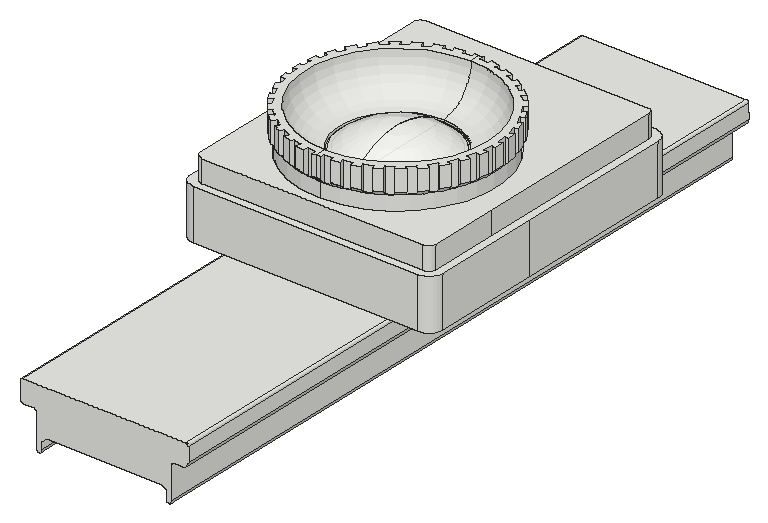
Revit family "Zumtobel TECTON 2 motion and daylight sensors", category Lighting Devices, host Face, Revit 2023
Family settings
  Host = Face
  Round Connector Dimension = Use Diameter
  Part Type = Normal
  Cut with Voids When Loaded = No
  Maintain Annotation Orientation = No
  Shared = Yes
  Room Calculation Point = Yes
Parameters (values of type "DALI MSENS HC TEC2 WH")
  URL = "www.zumtobel.com/22172957"
  Type Image = ZS_TEC_F_MSENS_HC_WH.jpg
  Type IFC Predefined Type = "MOVEMENTSENSOR"
  Model = "22172957"
  Material Housing = Zumtobel-Plastic-RAL 9003-Signal White
  Material Body = Zumtobel-Plastic-RAL 9003-Signal White
  Manufacturer = "Zumtobel Lighting"  # constant formula
  Luminaire Width = 60 mm  # constant formula
  Luminaire Length = 250 mm  # constant formula
  Luminaire Height = 90 mm  # constant formula
  Lighting Trunking System Mark [instance] = ""
  Visibility LC/MC = not(Visibility HC)  # no
  Visibility HC = yes
  Export Type to IFC As = "IfcSensorType"
  Description = "Lighting and occupancy sensors"  # constant formula
  Default Elevation = 0 mm  # constant formula
  Assembly Code = "Pr_75_75_27_23"
Types (7, lengths in mm): name | URL | Type Image | Model | Material Housing | Material Body | Visibility LC/MC | Visibility HC | Assembly Code
  (no name) | "www.zumtobel.com/22172957" | ZS_TEC_F_MSENS_HC_WH.jpg | "22172957" | Zumtobel-Plastic-RAL 9003-Signal White | Zumtobel-Plastic-RAL 9003-Signal White | no | yes | "Pr_75_75_27_23"
  DALI MSENS HC TEC2 WH | "www.zumtobel.com/22172957" | ZS_TEC_F_MSENS_HC_WH.jpg | "22172957" | Zumtobel-Plastic-RAL 9003-Signal White | Zumtobel-Plastic-RAL 9003-Signal White | no | yes | "Pr_75_75_27_23"
  DALI MSENS HC TEC2 BK | "www.zumtobel.com/22173116" | ZS_TEC_F_MSENS_HC_BK.jpg | "22173116" | Zumtobel-Plastic-RAL 9005-Jet Black | Zumtobel-Plastic-RAL 9003-Signal White | no | yes | "Pr_75_50_76_58"
  DALI MSENS LC TEC2 WH | "www.zumtobel.com/22172964" | ZS_TE2_F_MSENS_MC_WH.jpg | "22172964" | Zumtobel-Plastic-RAL 9003-Signal White | Zumtobel-Plastic-RAL 9003-Signal White | yes | no | "Pr_75_75_27_23"
  DALI MSENS LC TEC2 BK | "www.zumtobel.com/22173118" | ZS_TE2_F_MSENS_MC_BK.jpg | "22173118" | Zumtobel-Plastic-RAL 9005-Jet Black | Zumtobel-Plastic-RAL 9005-Jet Black | yes | no | "Pr_75_75_27_23"
  DALI MSENS MC TEC2 BK | "www.zumtobel.com/22173120" | ZS_TE2_F_MSENS_MC_BK.jpg | "22173120" | Zumtobel-Plastic-RAL 9005-Jet Black | Zumtobel-Plastic-RAL 9005-Jet Black | yes | no | "Pr_75_75_27_23"
  DALI MSENS MC TEC2 WH | "www.zumtobel.com/22172956" | ZS_TE2_F_MSENS_MC_WH.jpg | "22172956" | Zumtobel-Plastic-RAL 9003-Signal White | Zumtobel-Plastic-RAL 9003-Signal White | yes | no | "Pr_75_75_27_23"
Reference planes
  plane 1 "Center (Front/Back)": y = 0
  plane 2: z = 0
  plane 3 "Center (Left/Right)": x = 0
  plane 4: z = 13.808
  plane 5: y = 125
  plane 6: y = -125
  plane 7: x = -30
  plane 8: x = 30
  plane 9 "Sensor Center": y = 6
  plane 10: y = 6
  plane 11: z = 31.808
Forms (mm)
  Extrusion 1, solid, material "Zumtobel-Plastic-RAL 9003-Signal White" <- "Material Housing"
    sketch origin (0, 0, 0) x (1, 0, 0) y (0, 0, 1)
      loop
        line (-20.587, -2.563) -> (0, -2.563) -> (20.587, -2.563) -> (22.156, -3.86) -> (22.156, -6.678)
        arc (22.156, -6.678) -> (23.178, -7.7) -> (24.2, -6.678) r 1.022
        line (24.2, -6.678) -> (24.2, 5.214)
        arc (24.2, 5.214) -> (24.378, 5.644) -> (24.808, 5.822) r 0.608
        line (24.808, 5.822) -> (28.1, 5.822)
        arc (28.1, 5.822) -> (29.444, 6.378) -> (30, 7.722) r 1.9
        line (30, 7.722) -> (30, 12.808)
        arc (30, 12.808) -> (29.707, 13.515) -> (29, 13.808) r 1
        line (29, 13.808) -> (-29, 13.808)
        arc (-29, 13.808) -> (-29.707, 13.515) -> (-30, 12.808) r 1
        line (-30, 12.808) -> (-30, 7.722)
        arc (-30, 7.722) -> (-29.444, 6.378) -> (-28.1, 5.822) r 1.9
        line (-28.1, 5.822) -> (-24.808, 5.822)
        arc (-24.808, 5.822) -> (-24.378, 5.644) -> (-24.2, 5.214) r 0.608
        line (-24.2, 5.214) -> (-24.2, -6.678)
        arc (-24.2, -6.678) -> (-23.178, -7.7) -> (-22.156, -6.678) r 1.022
        line (-22.156, -6.678) -> (-22.156, -3.86) -> (-20.587, -2.563)
    from -125 to 125
  Extrusion 2, solid, material "Zumtobel-Plastic-RAL 9003-Signal White" <- "Material Housing", visible <- "Visibility HC"
    sketch origin (0, 12.25, 0) x (1, 0, 0) y (0, 1, 0)
      loop
        arc (40, -47.25) -> (43.536, -45.786) -> (45, -42.25) r 5
        line (45, -42.25) -> (45, -3.769) -> (45, 53.75)
        arc (45, 53.75) -> (43.536, 57.286) -> (40, 58.75) r 5
        line (40, 58.75) -> (-40, 58.75)
        arc (-40, 58.75) -> (-43.536, 57.286) -> (-45, 53.75) r 5
        line (-45, 53.75) -> (-45, -6.406) -> (-45, -42.25)
        arc (-45, -42.25) -> (-43.536, -45.786) -> (-40, -47.25) r 5
        line (-40, -47.25) -> (40, -47.25)
    from 13.808 to 31.808
  Extrusion 3, solid, material "Zumtobel-Plastic-RAL 9003-Signal White" <- "Material Body", visible <- "Visibility HC"
    sketch origin (0, 12.25, 0) x (1, 0, 0) y (0, 1, 0)
      loop
        line (-42, 53.25) -> (-42, -10.679) -> (-42, -41.75)
        arc (-42, -41.75) -> (-41.268, -43.518) -> (-39.5, -44.25) r 2.5
        line (-39.5, -44.25) -> (39.5, -44.25)
        arc (39.5, -44.25) -> (41.268, -43.518) -> (42, -41.75) r 2.5
        line (42, -41.75) -> (42, -17.113) -> (42, 53.25)
        arc (42, 53.25) -> (41.268, 55.018) -> (39.5, 55.75) r 2.5
        line (39.5, 55.75) -> (-39.5, 55.75)
        arc (-39.5, 55.75) -> (-41.268, 55.018) -> (-42, 53.25) r 2.5
    from 31.808 to 39.8
  Revolve 4, solid, material "Zumtobel-Plastic-RAL 9003-Signal White" <- "Material Body", visible <- "Visibility HC"
    sketch origin (0, 12.25, -4) x (0, 1, 0) y (0, 0, 1)
      loop
        line (-6.25, 41.8) -> (-6.25, 44.31) -> (-26.05, 44.31)
        arc (-26.05, 44.31) -> (-35.356, 48.367) -> (-38.715, 57.947) r 12.7
        line (-38.715, 57.947) -> (-42.573, 57.947) -> (-42.573, 50.592) -> (-40.781, 48.8) -> (-40.781, 41.8) -> (-6.25, 41.8)
      axis (-6.25, 57.947) -> (-6.25, 41.8)
    angle from 0 to 360
  Revolve 5, void
    sketch origin (0, 12.25, -4) x (0, 1, 0) y (0, 0, 1)
      loop
        line (-41.5, 43.8) -> (-41.5, 41.8) -> (-6.25, 41.8) -> (-6.25, 44.943) -> (-41.5, 44.943) -> (-41.5, 43.8)
      axis (-6.25, 44.943) -> (-6.25, 41.8)
    angle from 0 to 360
  Revolve 6, solid, material "Zumtobel-Plastic-Translucent-White", visible <- "Visibility HC"
    sketch origin (0, 12.25, 0) x (0, 1, 0) y (0, 0, 1)
      loop
        arc (-6.25, 47.701) -> (-16.871, 45.512) -> (-26.09, 39.8) r 31.014
        line (-26.09, 39.8) -> (-6.25, 39.8) -> (-6.25, 47.701)
      axis (-6.25, 47.701) -> (-6.25, 39.8)
    angle from 0 to 360
  Revolve 7, void
    sketch origin (0, 12.25, 0) x (0, 1, 0) y (0, 0, 1)
      loop
        line (-26.722, 42.012) -> (-26.722, 39.578) -> (-23.873, 39.578) -> (-26.722, 42.012)
      axis (-6.25, 42.012) -> (-6.25, 39.578)
    angle from 0 to 360
  Extrusion 8, void
    sketch origin (0, 12.25, 0) x (1, 0, 0) y (0, 1, 0)
      loop
        line (1.519, 28.54) -> (1.672, 32.037)
        arc (1.672, 32.037) -> (0.836, 32.064) -> (0, 32.073) r 38.323
        arc (0, 32.073) -> (-0.836, 32.064) -> (-1.672, 32.037) r 38.323
        line (-1.672, 32.037) -> (-1.519, 28.54)
        arc (-1.519, 28.54) -> (-3.035, 28.441) -> (-4.545, 28.275) r 34.823
        line (-4.545, 28.275) -> (-5.002, 31.745)
        arc (-5.002, 31.745) -> (-6.655, 31.491) -> (-8.295, 31.165) r 38.323
        line (-8.295, 31.165) -> (-7.537, 27.748)
        arc (-7.537, 27.748) -> (-9.013, 27.387) -> (-10.472, 26.961) r 34.823
        line (-10.472, 26.961) -> (-11.524, 30.299)
        arc (-11.524, 30.299) -> (-13.107, 29.762) -> (-14.666, 29.156) r 38.323
        line (-14.666, 29.156) -> (-13.326, 25.922)
        arc (-13.326, 25.922) -> (-14.717, 25.31) -> (-16.08, 24.638) r 34.823
        line (-16.08, 24.638) -> (-17.696, 27.743)
        arc (-17.696, 27.743) -> (-19.162, 26.939) -> (-20.591, 26.071) r 38.323
        line (-20.591, 26.071) -> (-18.71, 23.119)
        arc (-18.71, 23.119) -> (-19.974, 22.275) -> (-21.199, 21.377) r 34.823
        line (-21.199, 21.377) -> (-23.33, 24.154)
        arc (-23.33, 24.154) -> (-24.634, 23.107) -> (-25.891, 22.005) r 38.323
        line (-25.891, 22.005) -> (-23.526, 19.424)
        arc (-23.526, 19.424) -> (-24.624, 18.374) -> (-25.674, 17.276) r 34.823
        line (-25.674, 17.276) -> (-28.255, 19.641)
        arc (-28.255, 19.641) -> (-29.357, 18.384) -> (-30.404, 17.08) r 38.323
        line (-30.404, 17.08) -> (-27.627, 14.949)
        arc (-27.627, 14.949) -> (-28.525, 13.724) -> (-29.369, 12.46) r 34.823
        line (-29.369, 12.46) -> (-32.321, 14.341)
        arc (-32.321, 14.341) -> (-33.189, 12.912) -> (-33.993, 11.446) r 38.323
        line (-33.993, 11.446) -> (-30.888, 9.83)
        arc (-30.888, 9.83) -> (-31.56, 8.467) -> (-32.172, 7.076) r 34.823
        line (-32.172, 7.076) -> (-35.406, 8.416)
        arc (-35.406, 8.416) -> (-36.012, 6.857) -> (-36.549, 5.274) r 38.323
        line (-36.549, 5.274) -> (-33.211, 4.222)
        arc (-33.211, 4.222) -> (-33.637, 2.763) -> (-33.998, 1.287) r 34.823
        line (-33.998, 1.287) -> (-37.415, 2.045)
        arc (-37.415, 2.045) -> (-37.741, 0.405) -> (-37.995, -1.248) r 38.323
        line (-37.995, -1.248) -> (-34.525, -1.705)
        arc (-34.525, -1.705) -> (-34.691, -3.215) -> (-34.79, -4.731) r 34.823
        line (-34.79, -4.731) -> (-38.287, -4.578)
        arc (-38.287, -4.578) -> (-38.314, -5.414) -> (-38.323, -6.25) r 38.323
        arc (-38.323, -6.25) -> (-38.314, -7.086) -> (-38.287, -7.922) r 38.323
        line (-38.287, -7.922) -> (-34.79, -7.769)
        arc (-34.79, -7.769) -> (-34.691, -9.285) -> (-34.525, -10.795) r 34.823
        line (-34.525, -10.795) -> (-37.995, -11.252)
        arc (-37.995, -11.252) -> (-37.741, -12.905) -> (-37.415, -14.545) r 38.323
        line (-37.415, -14.545) -> (-33.998, -13.787)
        arc (-33.998, -13.787) -> (-33.637, -15.263) -> (-33.211, -16.722) r 34.823
        line (-33.211, -16.722) -> (-36.549, -17.774)
        arc (-36.549, -17.774) -> (-36.012, -19.357) -> (-35.406, -20.916) r 38.323
        line (-35.406, -20.916) -> (-32.172, -19.576)
        arc (-32.172, -19.576) -> (-31.56, -20.967) -> (-30.888, -22.33) r 34.823
        line (-30.888, -22.33) -> (-33.993, -23.946)
        arc (-33.993, -23.946) -> (-33.189, -25.412) -> (-32.321, -26.841) r 38.323
        line (-32.321, -26.841) -> (-29.369, -24.96)
        arc (-29.369, -24.96) -> (-28.525, -26.224) -> (-27.627, -27.449) r 34.823
        line (-27.627, -27.449) -> (-30.404, -29.58)
        arc (-30.404, -29.58) -> (-29.357, -30.884) -> (-28.255, -32.141) r 38.323
        line (-28.255, -32.141) -> (-25.674, -29.776)
        arc (-25.674, -29.776) -> (-24.624, -30.874) -> (-23.526, -31.924) r 34.823
        line (-23.526, -31.924) -> (-25.891, -34.505)
        arc (-25.891, -34.505) -> (-24.634, -35.607) -> (-23.33, -36.654) r 38.323
        line (-23.33, -36.654) -> (-21.199, -33.877)
        arc (-21.199, -33.877) -> (-19.974, -34.775) -> (-18.71, -35.619) r 34.823
        line (-18.71, -35.619) -> (-20.591, -38.571)
        arc (-20.591, -38.571) -> (-19.162, -39.439) -> (-17.696, -40.243) r 38.323
        line (-17.696, -40.243) -> (-16.08, -37.138)
        arc (-16.08, -37.138) -> (-14.717, -37.81) -> (-13.326, -38.422) r 34.823
        line (-13.326, -38.422) -> (-14.666, -41.656)
        arc (-14.666, -41.656) -> (-13.107, -42.262) -> (-11.524, -42.799) r 38.323
        line (-11.524, -42.799) -> (-10.472, -39.461)
        arc (-10.472, -39.461) -> (-9.013, -39.887) -> (-7.537, -40.248) r 34.823
        line (-7.537, -40.248) -> (-8.295, -43.665)
        arc (-8.295, -43.665) -> (-6.655, -43.991) -> (-5.002, -44.245) r 38.323
        line (-5.002, -44.245) -> (-4.545, -40.775)
        arc (-4.545, -40.775) -> (-3.035, -40.941) -> (-1.519, -41.04) r 34.823
        line (-1.519, -41.04) -> (-1.672, -44.537)
        arc (-1.672, -44.537) -> (-0.836, -44.564) -> (0, -44.573) r 38.323
        arc (0, -44.573) -> (0.836, -44.564) -> (1.672, -44.537) r 38.323
        line (1.672, -44.537) -> (1.519, -41.04)
        arc (1.519, -41.04) -> (3.035, -40.941) -> (4.545, -40.775) r 34.823
        line (4.545, -40.775) -> (5.002, -44.245)
        arc (5.002, -44.245) -> (6.655, -43.991) -> (8.295, -43.665) r 38.323
        line (8.295, -43.665) -> (7.537, -40.248)
        arc (7.537, -40.248) -> (9.013, -39.887) -> (10.472, -39.461) r 34.823
        line (10.472, -39.461) -> (11.524, -42.799)
        arc (11.524, -42.799) -> (13.107, -42.262) -> (14.666, -41.656) r 38.323
        line (14.666, -41.656) -> (13.326, -38.422)
        arc (13.326, -38.422) -> (14.717, -37.81) -> (16.08, -37.138) r 34.823
        line (16.08, -37.138) -> (17.696, -40.243)
        arc (17.696, -40.243) -> (19.162, -39.439) -> (20.591, -38.571) r 38.323
        line (20.591, -38.571) -> (18.71, -35.619)
        arc (18.71, -35.619) -> (19.974, -34.775) -> (21.199, -33.877) r 34.823
        line (21.199, -33.877) -> (23.33, -36.654)
        arc (23.33, -36.654) -> (24.634, -35.607) -> (25.891, -34.505) r 38.323
        line (25.891, -34.505) -> (23.526, -31.924)
        arc (23.526, -31.924) -> (24.624, -30.874) -> (25.674, -29.776) r 34.823
        line (25.674, -29.776) -> (28.255, -32.141)
        arc (28.255, -32.141) -> (29.357, -30.884) -> (30.404, -29.58) r 38.323
        line (30.404, -29.58) -> (27.627, -27.449)
        arc (27.627, -27.449) -> (28.525, -26.224) -> (29.369, -24.96) r 34.823
        line (29.369, -24.96) -> (32.321, -26.841)
        arc (32.321, -26.841) -> (33.189, -25.412) -> (33.993, -23.946) r 38.323
        line (33.993, -23.946) -> (30.888, -22.33)
        arc (30.888, -22.33) -> (31.56, -20.967) -> (32.172, -19.576) r 34.823
        line (32.172, -19.576) -> (35.406, -20.916)
        arc (35.406, -20.916) -> (36.012, -19.357) -> (36.549, -17.774) r 38.323
        line (36.549, -17.774) -> (33.211, -16.722)
        arc (33.211, -16.722) -> (33.637, -15.263) -> (33.998, -13.787) r 34.823
        line (33.998, -13.787) -> (37.415, -14.545)
        arc (37.415, -14.545) -> (37.741, -12.905) -> (37.995, -11.252) r 38.323
        line (37.995, -11.252) -> (34.525, -10.795)
        arc (34.525, -10.795) -> (34.691, -9.285) -> (34.79, -7.769) r 34.823
        line (34.79, -7.769) -> (38.287, -7.922)
        arc (38.287, -7.922) -> (38.314, -7.086) -> (38.323, -6.25) r 38.323
        arc (38.323, -6.25) -> (38.314, -5.414) -> (38.287, -4.578) r 38.323
        line (38.287, -4.578) -> (34.79, -4.731)
        arc (34.79, -4.731) -> (34.691, -3.215) -> (34.525, -1.705) r 34.823
        line (34.525, -1.705) -> (37.995, -1.248)
        arc (37.995, -1.248) -> (37.741, 0.405) -> (37.415, 2.045) r 38.323
        line (37.415, 2.045) -> (33.998, 1.287)
        arc (33.998, 1.287) -> (33.637, 2.763) -> (33.211, 4.222) r 34.823
        line (33.211, 4.222) -> (36.549, 5.274)
        arc (36.549, 5.274) -> (36.012, 6.857) -> (35.406, 8.416) r 38.323
        line (35.406, 8.416) -> (32.172, 7.076)
        arc (32.172, 7.076) -> (31.56, 8.467) -> (30.888, 9.83) r 34.823
        line (30.888, 9.83) -> (33.993, 11.446)
        arc (33.993, 11.446) -> (33.189, 12.912) -> (32.321, 14.341) r 38.323
        line (32.321, 14.341) -> (29.369, 12.46)
        arc (29.369, 12.46) -> (28.525, 13.724) -> (27.627, 14.949) r 34.823
        line (27.627, 14.949) -> (30.404, 17.08)
        arc (30.404, 17.08) -> (29.357, 18.384) -> (28.255, 19.641) r 38.323
        line (28.255, 19.641) -> (25.674, 17.276)
        arc (25.674, 17.276) -> (24.624, 18.374) -> (23.526, 19.424) r 34.823
        line (23.526, 19.424) -> (25.891, 22.005)
        arc (25.891, 22.005) -> (24.634, 23.107) -> (23.33, 24.154) r 38.323
        line (23.33, 24.154) -> (21.199, 21.377)
        arc (21.199, 21.377) -> (19.974, 22.275) -> (18.71, 23.119) r 34.823
        line (18.71, 23.119) -> (20.591, 26.071)
        arc (20.591, 26.071) -> (19.162, 26.939) -> (17.696, 27.743) r 38.323
        line (17.696, 27.743) -> (16.08, 24.638)
        arc (16.08, 24.638) -> (14.717, 25.31) -> (13.326, 25.922) r 34.823
        line (13.326, 25.922) -> (14.666, 29.156)
        arc (14.666, 29.156) -> (13.107, 29.762) -> (11.524, 30.299) r 38.323
        line (11.524, 30.299) -> (10.472, 26.961)
        arc (10.472, 26.961) -> (9.013, 27.387) -> (7.537, 27.748) r 34.823
        line (7.537, 27.748) -> (8.295, 31.165)
        arc (8.295, 31.165) -> (6.655, 31.491) -> (5.002, 31.745) r 38.323
        line (5.002, 31.745) -> (4.545, 28.275)
        arc (4.545, 28.275) -> (3.035, 28.441) -> (1.519, 28.54) r 34.823
      loop
        arc (-1.637, 36.184) -> (-42.459, -7.002) -> (-0.132, -48.715) r 42.465
        arc (-0.132, -48.715) -> (29.981, -36.324) -> (42.465, -6.25) r 42.465
        arc (42.465, -6.25) -> (29.443, 24.351) -> (-1.637, 36.184) r 42.465
    from 44.8 to 56.041
  Revolve 9, solid, material "Zumtobel-Plastic-Translucent-White", visible <- "Visibility LC/MC"
    sketch origin (0, 0, 0) x (0, -1, 0) y (0, 0, -1)
      loop
        arc (-109.569, -14.593) -> (-105.496, -18.555) -> (-100, -20) r 11.171
        line (-100, -20) -> (-100, -14.593) -> (-109.569, -14.593)
      axis (-100, -14.593) -> (-100, -20)
    angle from 0 to 360
  Revolve 10, solid, material "Zumtobel-Plastic-RAL 9003-Signal White" <- "Material Housing", visible <- "Visibility LC/MC"
    sketch origin (0, 0, 0) x (0, -1, 0) y (0, 0, -1)
      loop
        arc (-116, -13.808) -> (-113.151, -17.104) -> (-109.579, -19.6) r 17.614
        line (-109.579, -19.6) -> (-107.762, -19.6)
        arc (-107.762, -19.6) -> (-110.552, -17.43) -> (-112.66, -14.593) r 13.093
        line (-112.66, -14.593) -> (-100, -14.593) -> (-100, -13.808) -> (-116, -13.808)
      axis (-100, -13.808) -> (-100, -19.6)
    angle from 0 to 360
Cuts and joins
  Revolve 5 cuts Extrusion 3
  Revolve 7, Extrusion 8 cuts Revolve 4
Lines and regions (mm)
  Filled region 1, type "White", visible <- "Visibility HC"
    outline origin (0, 0, 0) x (1, 0, 0) y (0, 1, 0)
      loop
        line (-30, 125) -> (-30, 71) -> (30, 71) -> (30, 125) -> (-30, 125)
      loop
        line (-30, -125) -> (30, -125) -> (30, -35) -> (-30, -35) -> (-30, -125)
  Masking region 1, visible <- "Visibility HC"
    outline origin (200, 0, 0) x (1, 0, 0) y (0, 1, 0)
      loop
        line (-245, 66) -> (-245, 5.844) -> (-245, -30)
        arc (-245, -30) -> (-243.536, -33.536) -> (-240, -35) r 5
        line (-240, -35) -> (-160, -35)
        arc (-160, -35) -> (-156.464, -33.536) -> (-155, -30) r 5
        line (-155, -30) -> (-155, 8.481) -> (-155, 66)
        arc (-155, 66) -> (-156.464, 69.536) -> (-160, 71) r 5
        line (-160, 71) -> (-240, 71)
        arc (-240, 71) -> (-243.536, 69.536) -> (-245, 66) r 5
  Filled region 2, type "White", visible <- "Visibility LC/MC"
    outline origin (0, 0, 0) x (1, 0, 0) y (0, 1, 0)
      loop
        line (-30, 125) -> (-30, -2.487) -> (-30, -125) -> (30, -125) -> (30, 8.485) -> (30, 125) -> (-30, 125)
  model lines, style "InvisibleLines"
    curve 1: line (-250, 125, 0) -> (250, 125, 0)
    curve 2: line (-250, -125, 0) -> (250, -125, 0)
    curve 7: line (0, 0, 0) -> (0, -300, 0)
    curve 8: line (0, -300, 0) -> (34.202, -206.031, 0)
    curve 9: line (0, -300, 0) -> (-34.202, -206.031, 0)
  symbolic lines, visible <- "Visibility HC"
    curve 3: arc (0, -30.323, 0) -> (36.323, 6, 0) -> (0, 42.323, 0) r 36.323
    curve 4: arc (0, 42.323, 0) -> (-36.323, 6, 0) -> (0, -30.323, 0) r 36.323
    curve 5: arc (0, -14.472, 0) -> (-20.472, 6, 0) -> (0, 26.472, 0) r 20.472
    curve 6: arc (0, 26.472, 0) -> (20.472, 6, 0) -> (0, -14.472, 0) r 20.472
  symbolic lines, visible <- "Visibility LC/MC"
    curve 10: arc (0, 84, 0) -> (-16, 100, 0) -> (0, 116, 0) r 16
    curve 11: arc (0, 116, 0) -> (16, 100, 0) -> (0, 84, 0) r 16
    curve 12: arc (0, 92.238, 0) -> (7.762, 100, 0) -> (0, 107.762, 0) r 7.762
    curve 13: arc (0, 107.762, 0) -> (-7.762, 100, 0) -> (0, 92.238, 0) r 7.762
  model lines
    curve 14: line (-24.2, -125, 0) -> (24.2, -125, 0)
    curve 15: line (-24.2, 125, 0) -> (24.2, 125, 0)
Dimensions and locks
  locked: plane 4 to host face at 13.808
  equal spacing: plane 6, plane 1 "Center (Front/Back)", plane 5
  "Luminaire Length": plane 6 to plane 5
  equal spacing: plane 7, plane 3 "Center (Left/Right)", plane 8
  plane 7 to plane 8 = 60 mm
  plane 5 to plane 6 = 250 mm
  Extrusion 2 sketch curve to plane 3 "Center (Left/Right)" = 45 mm
  plane 3 "Center (Left/Right)" to Extrusion 2 sketch curve = 45 mm
  Extrusion 2 sketch curve to plane 10 = 65 mm
  plane 10 to Extrusion 2 sketch curve = 41 mm
  plane 11 to plane 4 = 18 mm
  aligned and locked: plane 2 to host face
  aligned and locked: level to host face
  aligned and locked: Extrusion 1 to plane 4
  aligned and locked: plane 6 to curve 2
  aligned and locked: curve 1 to plane 5
  aligned and locked: Extrusion 2 to plane 11
  aligned and locked: plane 11 to cut or joined group of Extrusion 3, Revolve 5
  aligned and locked: Revolve 9 sketch curve to Revolve 10
Automatic sketch dimensions
  curve 3 to curve 4 = 0 mm  (x2)
  curve 3 to curve 5 = 0 mm  (x2)
  curve 3 to curve 6 = 0 mm  (x2)
  curve 4 to curve 5 = 0 mm  (x2)
  curve 4 to curve 6 = 0 mm  (x2)
  curve 5 to curve 6 = 0 mm  (x2)
  curve 10 to curve 11 = 0 mm  (x2)
  curve 10 to curve 12 = 0 mm  (x2)
  curve 10 to curve 13 = 0 mm  (x2)
  curve 11 to curve 12 = 0 mm  (x2)
  curve 11 to curve 13 = 0 mm  (x2)
  curve 12 to curve 13 = 0 mm  (x2)
  curve 13 to plane 3 "Center (Left/Right)" = 0 mm
  curve 3 to plane 3 "Center (Left/Right)" = 0 mm
  plane 1 "Center (Front/Back)" to curve 7 = 0 mm
  curve 7 to plane 3 "Center (Left/Right)" = 0 mm
  curve 6 to plane 10 = 0 mm
  plane 6 to curve 9 = 175 mm
  curve 11 to plane 5 = 25 mm
  curve 9 to plane 7 = 4.202 mm
  curve 1 to plane 7 = 220 mm
  curve 2 to plane 7 = 220 mm
  curve 8 to plane 8 = 4.202 mm
  curve 1 to plane 8 = 220 mm
  curve 2 to plane 8 = 220 mm
  plane 6 to curve 9 = 81.031 mm
  curve 9 to curve 8 = 0 mm
  plane 1 "Center (Front/Back)" to curve 3 = 30.323 mm
  plane 1 "Center (Front/Back)" to curve 5 = 14.472 mm
  curve 11 to curve 10 = 16 mm
  curve 12 to curve 10 = 7.762 mm
  host sketch curve to host sketch curve = 2438.4 mm  (x2)
  Extrusion 1 sketch curve to plane 7 = 0 mm
  Extrusion 1 sketch curve to plane 4 = 0 mm
  Extrusion 1 sketch curve to plane 3 "Center (Left/Right)" = 0 mm
  plane 8 to Extrusion 1 sketch curve = 0 mm
  Extrusion 1 sketch curve to Extrusion 1 sketch curve = 1 mm  (x2)
  Extrusion 1 sketch curve to Extrusion 1 sketch curve = 1.9 mm  (x2)
  Extrusion 1 sketch curve to Extrusion 1 sketch curve = 3.292 mm
  Extrusion 1 sketch curve to Extrusion 1 sketch curve = 0.608 mm  (x2)
  Extrusion 1 sketch curve to Extrusion 1 sketch curve = 1.022 mm  (x2)
  Extrusion 1 sketch curve to Extrusion 1 sketch curve = 1.569 mm  (x2)
  Extrusion 1 sketch curve to level = 2.563 mm
  plane 8 to Extrusion 1 sketch curve = 9.413 mm
  Extrusion 1 sketch curve to Extrusion 1 sketch curve = 1.297 mm  (x2)
  Extrusion 1 sketch curve to Extrusion 1 sketch curve = 2.819 mm  (x2)
  Extrusion 1 sketch curve to Extrusion 1 sketch curve = 0 mm
  level to Extrusion 1 sketch curve = 5.214 mm  (x2)
  Extrusion 2 sketch curve to Extrusion 2 sketch curve = 5 mm  (x4)
  Extrusion 2 sketch curve to plane 10 = 0.156 mm
  plane 10 to Extrusion 2 sketch curve = 2.481 mm
  Extrusion 3 sketch curve to plane 7 = 12 mm
  Extrusion 3 sketch curve to Extrusion 3 sketch curve = 2.5 mm  (x2)
  Extrusion 3 sketch curve to plane 8 = 9.5 mm  (x2)
  plane 1 "Center (Front/Back)" to Extrusion 3 sketch curve = 4.863 mm
  Extrusion 3 sketch curve to plane 8 = 12 mm
  Extrusion 3 sketch curve to Extrusion 3 sketch curve = 24.637 mm
  Extrusion 3 sketch curve to plane 1 "Center (Front/Back)" = 1.571 mm
  Extrusion 3 sketch curve to plane 5 = 59.5 mm
  Revolve 4 sketch curve to plane 9 "Sensor Center" = 0 mm  (x2)
  plane 1 "Center (Front/Back)" to Revolve 4 sketch curve = 13.8 mm
  Revolve 4 sketch curve to Revolve 4 sketch curve = 12.665 mm
  Revolve 4 sketch curve to plane 11 = 5.992 mm
  Revolve 4 sketch curve to Revolve 4 sketch curve = 14.731 mm
  Revolve 4 sketch curve to Revolve 4 sketch curve = 3.858 mm
  Revolve 4 sketch curve to Revolve 4 sketch curve = 2.51 mm
  Revolve 4 sketch curve to Revolve 4 sketch curve = 7 mm
  Revolve 4 sketch curve to Revolve 4 sketch curve = 1.792 mm
  Revolve 4 sketch curve to Revolve 4 sketch curve = 12.7 mm
  Revolve 4 sketch curve to plane 4 = 1.048 mm
  Revolve 4 sketch curve to Revolve 4 sketch curve = 30.021 mm
  Revolve 5 sketch curve to plane 10 = 0 mm  (x2)
  Revolve 5 sketch curve to plane 11 = 7.992 mm
  plane 1 "Center (Front/Back)" to Revolve 5 sketch curve = 29.25 mm
  Revolve 5 sketch curve to Revolve 5 sketch curve = 2 mm
  Revolve 5 sketch curve to Revolve 5 sketch curve = 1.143 mm
  Revolve 5 sketch curve to plane 11 = 2.915 mm
  Revolve 5 sketch curve to Revolve 5 sketch curve = 10.793 mm
  Revolve 6 sketch curve to plane 10 = 0 mm  (x2)
  plane 1 "Center (Front/Back)" to Revolve 6 sketch curve = 13.84 mm
  plane 10 to Revolve 6 sketch curve = 0.853 mm
  Revolve 6 sketch curve to plane 4 = 2.891 mm
  Revolve 6 sketch curve to plane 11 = 7.992 mm
  Revolve 6 sketch curve to Revolve 6 sketch curve = 0.522 mm
  Revolve 6 sketch curve to Revolve 6 sketch curve = 0 mm
  Revolve 7 sketch curve to plane 10 = 0 mm
  plane 1 "Center (Front/Back)" to Revolve 7 sketch curve = 11.623 mm
  Revolve 7 sketch curve to Revolve 7 sketch curve = 2.849 mm
  Revolve 7 sketch curve to plane 11 = 7.77 mm
  Revolve 7 sketch curve to Revolve 7 sketch curve = 2.434 mm
  Revolve 7 sketch curve to plane 11 = 6.382 mm
  Revolve 7 sketch curve to Revolve 7 sketch curve = 6.071 mm
  Extrusion 8 sketch curve to Extrusion 8 sketch curve = 0 mm  (x6162)
  Extrusion 8 sketch curve to plane 10 = 0 mm
  Extrusion 8 sketch curve to plane 3 "Center (Left/Right)" = 0 mm
  Extrusion 8 sketch curve to plane 3 "Center (Left/Right)" = 1.519 mm  (x2)
  Extrusion 8 sketch curve to plane 3 "Center (Left/Right)" = 1.672 mm  (x2)
  Extrusion 8 sketch curve to Extrusion 8 sketch curve = 3.026 mm  (x4)
  Extrusion 8 sketch curve to Extrusion 8 sketch curve = 3.331 mm  (x4)
  Extrusion 8 sketch curve to Extrusion 8 sketch curve = 2.992 mm  (x6)
  Extrusion 8 sketch curve to Extrusion 8 sketch curve = 3.292 mm  (x4)
  Extrusion 8 sketch curve to Extrusion 8 sketch curve = 2.934 mm  (x4)
  Extrusion 8 sketch curve to Extrusion 8 sketch curve = 3.229 mm  (x8)
  Extrusion 8 sketch curve to Extrusion 8 sketch curve = 2.855 mm  (x8)
  Extrusion 8 sketch curve to Extrusion 8 sketch curve = 3.142 mm  (x4)
  Extrusion 8 sketch curve to Extrusion 8 sketch curve = 2.753 mm  (x4)
  Extrusion 8 sketch curve to Extrusion 8 sketch curve = 3.03 mm  (x8)
  Extrusion 8 sketch curve to Extrusion 8 sketch curve = 2.631 mm  (x8)
  Extrusion 8 sketch curve to Extrusion 8 sketch curve = 2.895 mm  (x4)
  Extrusion 8 sketch curve to Extrusion 8 sketch curve = 2.489 mm  (x4)
  Extrusion 8 sketch curve to Extrusion 8 sketch curve = 2.739 mm  (x8)
  Extrusion 8 sketch curve to Extrusion 8 sketch curve = 2.327 mm  (x8)
  Extrusion 8 sketch curve to Extrusion 8 sketch curve = 2.148 mm  (x4)
  Extrusion 8 sketch curve to Extrusion 8 sketch curve = 2.561 mm  (x4)
  plane 7 to Extrusion 8 sketch curve = 2.373 mm  (x2)
  plane 7 to Extrusion 8 sketch curve = 1.745 mm  (x2)
  plane 7 to Extrusion 8 sketch curve = 0.631 mm  (x2)
  Extrusion 8 sketch curve to plane 7 = 0.404 mm  (x2)
  Extrusion 8 sketch curve to plane 7 = 0.888 mm  (x2)
  Extrusion 8 sketch curve to plane 7 = 2.172 mm  (x2)
  Extrusion 8 sketch curve to plane 7 = 2.321 mm  (x2)
  Extrusion 8 sketch curve to Extrusion 8 sketch curve = 1.039 mm  (x8)
  Extrusion 8 sketch curve to Extrusion 8 sketch curve = 1.672 mm  (x4)
  Extrusion 8 sketch curve to Extrusion 8 sketch curve = 0.786 mm  (x4)
  plane 1 "Center (Front/Back)" to Extrusion 8 sketch curve = 1.537 mm  (x2)
  Extrusion 8 sketch curve to plane 1 "Center (Front/Back)" = 1.455 mm  (x2)
  Extrusion 8 sketch curve to Extrusion 8 sketch curve = 0.528 mm  (x8)
  plane 10 to Extrusion 8 sketch curve = 1.519 mm  (x2)
  Extrusion 8 sketch curve to Extrusion 8 sketch curve = 0.265 mm  (x2)
  Extrusion 8 sketch curve to plane 10 = 1.519 mm  (x2)
  Extrusion 8 sketch curve to Extrusion 8 sketch curve = 1.413 mm  (x8)
  Extrusion 8 sketch curve to Extrusion 8 sketch curve = 1.143 mm  (x4)
  plane 1 "Center (Front/Back)" to Extrusion 8 sketch curve = 2.295 mm  (x2)
  Extrusion 8 sketch curve to Extrusion 8 sketch curve = 0.865 mm  (x8)
  Extrusion 8 sketch curve to plane 1 "Center (Front/Back)" = 0.998 mm  (x2)
  plane 10 to Extrusion 8 sketch curve = 5.002 mm  (x2)
  Extrusion 8 sketch curve to Extrusion 8 sketch curve = 0.581 mm  (x2)
  Extrusion 8 sketch curve to plane 10 = 1.672 mm  (x2)
  Extrusion 8 sketch curve to Extrusion 8 sketch curve = 0.291 mm  (x4)
  plane 10 to Extrusion 8 sketch curve = 1.672 mm  (x2)
  plane 3 "Center (Left/Right)" to Extrusion 8 sketch curve = 1.519 mm  (x2)
  plane 3 "Center (Left/Right)" to Extrusion 8 sketch curve = 1.672 mm  (x2)
  plane 8 to Extrusion 8 sketch curve = 2.373 mm  (x2)
  plane 8 to Extrusion 8 sketch curve = 1.745 mm  (x2)
  plane 8 to Extrusion 8 sketch curve = 0.631 mm  (x2)
  Extrusion 8 sketch curve to plane 8 = 0.404 mm  (x2)
  Extrusion 8 sketch curve to plane 8 = 0.888 mm  (x2)
  Extrusion 8 sketch curve to plane 8 = 2.172 mm  (x2)
  Extrusion 8 sketch curve to plane 8 = 2.321 mm  (x2)
  Extrusion 8 sketch curve to Extrusion 8 sketch curve = 1.953 mm  (x4)
  Extrusion 8 sketch curve to Extrusion 8 sketch curve = 2.364 mm  (x4)
  Extrusion 8 sketch curve to Extrusion 8 sketch curve = 1.519 mm  (x4)
  Extrusion 8 sketch curve to Extrusion 8 sketch curve = 1.918 mm  (x4)
  Extrusion 8 sketch curve to plane 3 "Center (Left/Right)" = 0.132 mm
  Extrusion 8 sketch curve to plane 3 "Center (Left/Right)" = 1.637 mm
  Extrusion 8 sketch curve to Extrusion 8 sketch curve = 4.142 mm
  Masking region 1 sketch curve to plane 7 = 15 mm
  Masking region 1 sketch curve to Masking region 1 sketch curve = 5 mm  (x2)
  Masking region 1 sketch curve to plane 8 = 10 mm  (x2)
  plane 10 to Masking region 1 sketch curve = 2.481 mm
  Masking region 1 sketch curve to plane 8 = 15 mm
  Masking region 1 sketch curve to plane 10 = 0.156 mm
  plane 1 "Center (Front/Back)" to Masking region 1 sketch curve = 30 mm
  Masking region 1 sketch curve to Masking region 1 sketch curve = 57.519 mm
  Revolve 9 sketch curve to plane 5 = 15.431 mm
  Revolve 9 sketch curve to Revolve 9 sketch curve = 9.569 mm
  Revolve 9 sketch curve to Revolve 9 sketch curve = 5.407 mm
  Revolve 9 sketch curve to plane 11 = 2 mm
  Revolve 9 sketch curve to Revolve 9 sketch curve = 0 mm
  Revolve 9 sketch curve to level = 2.563 mm
  plane 4 to Revolve 10 sketch curve = 0 mm  (x2)
  Revolve 10 sketch curve to plane 5 = 9 mm
  Revolve 10 sketch curve to plane 4 = 0.785 mm
  Revolve 10 sketch curve to Revolve 10 sketch curve = 3.34 mm
  Revolve 10 sketch curve to Revolve 10 sketch curve = 3.08 mm
  Revolve 10 sketch curve to Revolve 10 sketch curve = 1.818 mm
  level to Revolve 10 sketch curve = 4.025 mm
  Revolve 10 sketch curve to Revolve 10 sketch curve = 11.308 mm
  Revolve 10 sketch curve to Revolve 10 sketch curve = 0.16 mm
  Revolve 10 sketch curve to Revolve 10 sketch curve = 1.192 mm
  plane 11 to Revolve 10 sketch curve = 1.832 mm
  Revolve 10 sketch curve to Revolve 10 sketch curve = 7.762 mm
  Filled region 2 sketch curve to plane 5 = 0 mm
  plane 6 to Filled region 2 sketch curve = 0 mm
  plane 8 to Filled region 2 sketch curve = 60 mm
  Filled region 2 sketch curve to Filled region 2 sketch curve = 60 mm
  plane 1 "Center (Front/Back)" to Filled region 2 sketch curve = 2.487 mm
  plane 10 to Filled region 2 sketch curve = 2.485 mm
  Filled region 1 sketch curve to plane 5 = 0 mm
  Filled region 1 sketch curve to plane 7 = 0 mm  (x2)
  Filled region 1 sketch curve to plane 8 = 0 mm  (x2)
  plane 6 to Filled region 1 sketch curve = 0 mm
  Filled region 1 sketch curve to Filled region 1 sketch curve = 54 mm
  plane 1 "Center (Front/Back)" to Filled region 1 sketch curve = 35 mm
  curve 15 to level = 0 mm
  plane 8 to curve 15 = 5.8 mm
  plane 7 to curve 15 = 5.8 mm
  curve 14 to level = 0 mm
  curve 14 to plane 8 = 5.8 mm
  curve 14 to plane 7 = 5.8 mm
Connectors
  electrical at (0, 0, 0)
    settings: index 1, voltage 220 V, apparent load 5 VA, apparent load phase1 0 VA, apparent load phase2 0 VA, apparent load phase3 0 VA, power factor 1, load classification "Lighting", number of poles 1, system type 30, power factor state 1, is connector primary yes, connector utility no, sub classification motor no, connector description ""
